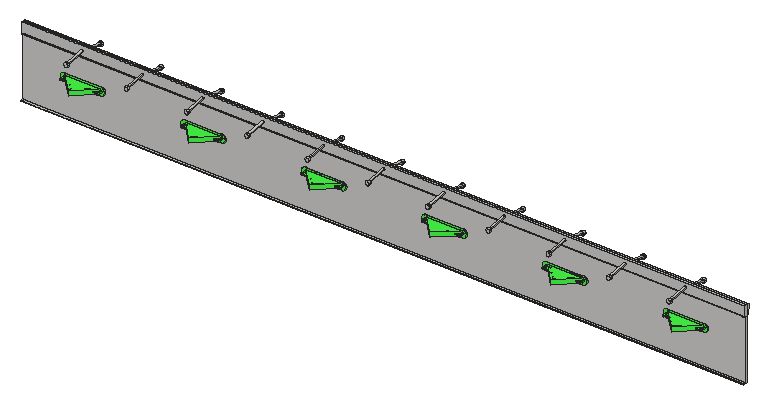
Revit family
Parameters (values of type "Armor-Edge® All-Steel Joint Assembly")
  dataPlate Depth [instance] = Slab Depth / 2  # 0' - 7"
  Width = 0' - 8 3/4"  # constant formula
  URL = "http://www.pna-inc.com"
  Type Comments = ""
  Slab Depth [instance] = 1' - 2"
  Product Page URL = "http://www.pna-inc.com/products/armor_edge_steel/"
  Product Documentation Link = "http://www.pna-inc.com/products/armor_edge_steel/PNA%20Armor-Edge%20All%20Steel%20Joint%20Assembly%20MSpec.doc"
  Number of Studs [instance] = 11
  Number of Dowels [instance] = 6
  Model = "Armor-Edge® All-Steel Joint Assembly"
  Material = Metal - PNA - Steel
  Manufacturer = "PNA Construction Technologies Inc. "
  Length [instance] = 12' - 0"
  Height [instance] = Slab Depth  # 1' - 2"
  Dowel Thickness [instance] = Diamond_Dowel : 3/4"
  Description = "Armor-Edge® All-Steel Joint Assembly"
  Dowel Spacing [instance] = 2' - 0"  # constant formula
  Assembly Code = "B1010300"
Reference planes (in)
  plane 1 "Center (Front/Back)": y = 0
  plane 2: z = 0
  plane 3 "Center (Left/Right)": x = 0
  plane 4: x = -72
  plane 5: x = 72
  plane 6: y = -4.375
  plane 7: z = -14
  plane 8: x = -60
  plane 9: x = -36
  plane 10: z = -7
  plane 11: y = 4.375
  plane 12: y = -0.75
  plane 13: y = -0.375
  plane 14: z = -2
  plane 15: z = -13.875
  plane 16: y = -0.125
  plane 17: z = -2.125
Forms (in)
  Extrusion 1, solid, detail levels coarse
    sketch origin (0, 0, 0) x (1, 0, 0) y (0, 1, 0)
      loop
        line (-72, -4.375) -> (72, -4.375) -> (72, 4.375) -> (-72, 4.375) -> (-72, -4.375)
    from -14 to 0
  Extrusion 2, solid, material "Metal - PNA - Steel" <- "Material", detail levels medium+fine
    sketch origin (0, 0, 0) x (0, 1, 0) y (0, 0, 1)
      loop
        line (0, -2) -> (-0.375, -2) -> (-0.375, -2.125) -> (-0.125, -2.125) -> (-0.125, -13.875) -> (-0.75, -13.875) -> (-0.75, -14) -> (0, -14) -> (0, -2)
    from -72 to 72
Lines and regions (in)
  Masking region 1, detail levels coarse
    outline origin (0, 0, 0) x (1, 0, 0) y (0, 1, 0)
      loop
        line (-72, -4.375) -> (72, -4.375) -> (72, 4.375) -> (-72, 4.375) -> (-72, -4.375)
  Masking region 2
    outline origin (0, 0, 0) x (1, 0, 0) y (0, 0, 1)
      loop
        line (-72, -14) -> (72, -14) -> (72, -2) -> (-72, -2) -> (-72, -14)
  Masking region 3, detail levels coarse
    outline origin (0, 0, 0) x (0, 1, 0) y (0, 0, 1)
      loop
        line (-4.375, -14) -> (4.375, -14) -> (4.375, 0) -> (-4.375, 0) -> (-4.375, -14)
  Masking region 4, detail levels coarse
    outline origin (0, 0, 0) x (1, 0, 0) y (0, 0, 1)
      loop
        line (-72, -14) -> (72, -14) -> (72, 0) -> (-72, 0) -> (-72, -14)
  Masking region 5, detail levels medium+fine
    outline origin (0, 0, 0) x (0, 1, 0) y (0, 0, 1)
      loop
        line (-0.125, -2.125) -> (-0.125, -13.875) -> (-0.75, -13.875) -> (-0.75, -14) -> (0, -14) -> (0, -2) -> (-0.375, -2) -> (-0.375, -2.125) -> (-0.125, -2.125)
Dimensions and locks (in)
  "Length": plane 4 to plane 5
  equal spacing: plane 4, plane 3 "Center (Left/Right)", plane 5
  "Height": plane 2 to plane 7
  "dataPlate Depth": plane 10 to plane 7
  locked: plane 4 to plane 8 at 12
  "Dowel Spacing": plane 8 to plane 9
  equal spacing: plane 11, plane 1 "Center (Front/Back)", plane 6
  "Width": plane 11 to plane 6
  locked: plane 7 to plane 15 at 0.125
  plane 1 "Center (Front/Back)" to plane 16 to plane 13 to plane 12 = 0' - 0 1/8" locked, 0' - 0 1/4" locked, 0' - 0 3/8" locked
  plane 2 to plane 14 to plane 17 = 0' - 2" locked, 0' - 0 1/8" locked
  equal spacing: group 1, group 2, group 3, group 4, group 5, group 6  (x3)
  aligned and locked: plane 3 "Center (Left/Right)" to nested 1
  aligned and locked: plane 2 to nested 1
  aligned and locked: Extrusion 1 sketch curve to plane 4
  aligned and locked: plane 6 to Extrusion 1 sketch curve
  aligned and locked: plane 5 to Extrusion 1 sketch curve
  aligned and locked: plane 7 to Extrusion 1
  aligned and locked: plane 2 to Extrusion 1
  aligned and locked: Masking region 1 sketch curve to plane 4
  aligned and locked: plane 6 to Masking region 1 sketch curve
  aligned and locked: plane 5 to Masking region 1 sketch curve
  aligned and locked: Masking region 2 sketch curve to plane 4
  aligned and locked: Masking region 2 sketch curve to plane 7
  aligned and locked: Masking region 2 sketch curve to plane 5
  aligned and locked: plane 7 to Masking region 3 sketch curve
  aligned and locked: Masking region 3 sketch curve to plane 6
  aligned and locked: plane 2 to Masking region 3 sketch curve
  aligned and locked: plane 11 to Masking region 1
  aligned and locked: plane 11 to Extrusion 1
  aligned and locked: Masking region 3 to plane 11
  aligned and locked: nested 2 to plane 3 "Center (Left/Right)"
  aligned and locked: plane 1 "Center (Front/Back)" to nested 2
  aligned and locked: plane 1 "Center (Front/Back)" to nested 1
  aligned and locked: plane 14 to Extrusion 2 sketch curve
  aligned and locked: plane 17 to Extrusion 2 sketch curve
  aligned and locked: plane 1 "Center (Front/Back)" to Extrusion 2 sketch curve
  aligned and locked: plane 16 to Extrusion 2 sketch curve
  aligned and locked: plane 13 to Extrusion 2 sketch curve
  aligned and locked: plane 15 to Extrusion 2 sketch curve
  aligned and locked: plane 7 to Extrusion 2 sketch curve
  aligned and locked: plane 12 to Extrusion 2 sketch curve
  aligned and locked: plane 5 to Extrusion 2
  aligned and locked: plane 4 to Extrusion 2
  aligned and locked: Masking region 2 sketch curve to plane 14
  aligned and locked: Masking region 4 sketch curve to plane 4
  aligned and locked: Masking region 4 sketch curve to plane 2
  aligned and locked: Masking region 4 sketch curve to plane 7
  aligned and locked: Masking region 4 sketch curve to plane 5
  aligned and locked: plane 16 to Masking region 5 sketch curve
  aligned and locked: plane 15 to Masking region 5 sketch curve
  aligned and locked: plane 7 to Masking region 5 sketch curve
  aligned and locked: plane 1 "Center (Front/Back)" to Masking region 5 sketch curve
  aligned and locked: plane 12 to Masking region 5 sketch curve
  aligned and locked: plane 14 to Masking region 5 sketch curve
  aligned and locked: plane 17 to Masking region 5 sketch curve
  aligned and locked: plane 13 to Masking region 5 sketch curve
  aligned and locked: nested 3 to plane 16
  aligned and locked: plane 8 to nested 3
  aligned and locked: nested 3 to plane 10
  aligned and locked: plane 9 to nested 4
  aligned and locked: nested 4 to plane 10
  aligned and locked: nested 4 to plane 16
  aligned and locked: nested 2 to plane 2
Automatic sketch dimensions
  Extrusion 1 sketch curve to plane 1 "Center (Front/Back)" = 0' - 4 3/8"
  Masking region 1 sketch curve to plane 1 "Center (Front/Back)" = 0' - 4 3/8"
  Masking region 3 sketch curve to plane 1 "Center (Front/Back)" = 0' - 4 3/8"
Nested families (in)
  nested 1: "AE Beam" at (0, 0, 0), Number of Studs <- "Number of Studs", Length <- "Length", type "Beam"
    with Stud Array Visible yes, Solo Stud Visible no, Number of Studs 11, Length 12' - 0", Actual Number of Studs 11
  nested 2: "AE Beam" at (0, 0, 0), Number of Studs <- "Number of Studs", Length <- "Length", type "Beam"
    with Stud Array Visible yes, Solo Stud Visible no, Number of Studs 11, Length 12' - 0", Actual Number of Studs 11
  nested 3: "Diamond_Dowel" at (-60, -0.125, -3) x (-1, 0, 0) z (0, 0, 1), type <- "Dowel Thickness", type "3/4""
    with Plate Depth 0' - 4"
  nested 4: "Diamond_Dowel" at (-36, -0.125, -3) x (-1, 0, 0) z (0, 0, 1), type <- "Dowel Thickness", type "3/4""
    with Plate Depth 0' - 4"
  nested 5: "Diamond_Dowel" at (-12, -0.125, -3) x (-1, 0, 0) z (0, 0, 1), type <- "Dowel Thickness", type "3/4""
    with Plate Depth 0' - 4"
  nested 6: "Diamond_Dowel" at (12, -0.125, -3) x (-1, 0, 0) z (0, 0, 1), type <- "Dowel Thickness", type "3/4""
    with Plate Depth 0' - 4"
  nested 7: "Diamond_Dowel" at (36, -0.125, -3) x (-1, 0, 0) z (0, 0, 1), type <- "Dowel Thickness", type "3/4""
    with Plate Depth 0' - 4"
  nested 8: "Diamond_Dowel" at (60, -0.125, -3) x (-1, 0, 0) z (0, 0, 1), type <- "Dowel Thickness", type "3/4""
    with Plate Depth 0' - 4"
Definition of nested family "AE Beam"
  Parameters (values of type "Beam")
    URL = ""
    Type Comments = ""
    Stud Spacing = 1' - 0"  # constant formula
    Stud Array Visible [instance] = Number of Studs > 1  # yes
    Solo Stud Visible [instance] = not(Stud Array Visible)  # no
    Material = Metal - PNA - Steel
    Number of Studs [instance] = 4
    Model = ""
    Manufacturer = ""
    Length [instance] = 12' - 0"
    Description = ""
    Assembly Code = ""
    Actual Number of Studs [instance] = if(Number of Studs > 11, 11, if(Number of Studs < 2, 2, Number of Studs))  # 4
  Reference planes (in)
    plane 1 "Center (Front/Back)": y = 0
    plane 2: z = 0
    plane 3 "Center (Left/Right)": x = 0
    plane 4: x = -60
    plane 5: x = -72
    plane 6: x = 72
    plane 7: z = -2
    plane 8: y = -0.375
    plane 9: z = -1
    plane 10: y = -4.375
  Forms (in)
    Extrusion 1, solid, material "Metal - PNA - Steel" <- "Material", detail levels medium+fine
      sketch origin (-18, 0, 0) x (1, 0, 0) y (0, 0, 1)
        loop
          line (-54, 0) -> (-54, -2) -> (90, -2) -> (90, 0) -> (-54, 0)
      from 0 to 0.375
  Lines and regions (in)
    Masking region 1
      outline origin (0, 0, 0) x (1, 0, 0) y (0, 0, 1)
        loop
          line (-72, -2) -> (72, -2) -> (72, 0) -> (-72, 0) -> (-72, -2)
    Masking region 2, detail levels medium+fine
      outline origin (0, 0, 0) x (0, 1, 0) y (0, 0, 1)
        loop
          line (0, -2) -> (0, 0) -> (-0.375, 0) -> (-0.375, -0.79979) -> (-4.375, -1.61335) -> (-4.375, -1.98835) -> (-0.375, -1.17479) -> (-0.375, -2) -> (0, -2)
    Masking region 3, detail levels medium+fine
      outline origin (0, 0, 0) x (1, 0, 0) y (0, 1, 0)
        loop
          line (-72, -0.375) -> (72, -0.375) -> (72, 0) -> (-72, 0) -> (-72, -0.375)
    symbolic lines, detail levels fine
      curve 1: line (0, -0.375, 0) -> (0, -0.375, -2)
  Dimensions and locks (in)
    "Length": plane 5 to plane 6
    locked: plane 2 to plane 7 at 2
    locked: plane 8 to plane 1 "Center (Front/Back)" at 0.375
    locked: plane 5 to plane 4 at 12
    equal spacing: plane 5, plane 3 "Center (Left/Right)", plane 6
    equal spacing: plane 2, plane 9, plane 7
    equal spacing: group 1, group 2, group 3, group 4  (x3)
    "Stud Spacing": plane 4 to nested 2
    locked: plane 10 to plane 8 at 4
    aligned and locked: plane 6 to Extrusion 1
    aligned and locked: plane 5 to Extrusion 1
    aligned and locked: level to Extrusion 1
    aligned and locked: plane 7 to Extrusion 1
    aligned and locked: plane 8 to Extrusion 1
    aligned and locked: Extrusion 1 to plane 1 "Center (Front/Back)"
    aligned and locked: nested 1 to plane 4
    aligned and locked: nested 1 to plane 9
    aligned and locked: plane 8 to nested 1
    aligned and locked: nested 2 to plane 9
    aligned and locked: nested 3 to plane 4
    aligned and locked: plane 8 to nested 3
    aligned and locked: nested 3 to plane 9
    aligned and locked: Masking region 1 sketch curve to plane 5
    aligned and locked: Masking region 1 sketch curve to plane 2
    aligned and locked: Masking region 1 sketch curve to plane 7
    aligned and locked: plane 6 to Masking region 1 sketch curve
    aligned and locked: Masking region 2 sketch curve to Extrusion 1  (x2)
    aligned and locked: level to Masking region 2 sketch curve
    aligned and locked: Masking region 2 sketch curve to nested 3  (x2)
    aligned and locked: Extrusion 1 to Masking region 2 sketch curve
    aligned and locked: nested 3 to Masking region 2 sketch curve
    aligned and locked: Masking region 3 sketch curve to Extrusion 1  (x4)
    aligned and locked: curve 1 to plane 8
    aligned and locked: plane 7 to curve 1
    aligned and locked: plane 2 to curve 1
  Automatic sketch dimensions
    Extrusion 1 sketch curve to level = 0' - 0"
    Extrusion 1 sketch curve to Extrusion 1 sketch curve = 0' - 2"
    plane 4 to Extrusion 1 sketch curve = 1' - 0"
    Extrusion 1 sketch curve to plane 6 = 0' - 0"
    Masking region 2 sketch curve to plane 8 = 0' - 0"
  Nested families (in)
    nested 1: "AE Stud" at (-60, -0.375, -1), visible <- "Stud Array Visible", type "AE Stud"
      with Stud Length 0' - 4"
    nested 2: "AE Stud" at (-48, -0.375, -1), visible <- "Stud Array Visible", type "AE Stud"
      with Stud Length 0' - 4"
    nested 3: "AE Stud-Solo" at (-60, -0.375, -1), visible <- "Solo Stud Visible", type "AE Stud-Solo"
      with Stud Length 0' - 4"
    nested 4: "AE Stud" at (-36, -0.375, -1), visible <- "Stud Array Visible", type "AE Stud"
      with Stud Length 0' - 4"
    nested 5: "AE Stud" at (-24, -0.375, -1), visible <- "Stud Array Visible", type "AE Stud"
      with Stud Length 0' - 4"
  Definition of nested family "AE Stud"
    Parameters (values of type "AE Stud")
      Stud Material = Metal - PNA - Steel
      Stud Length [instance] = 0' - 4"
      Assembly Code = ""
    Reference planes (in)
      plane 1 "Center (Front/Back)": y = 0
      plane 2: z = 0
      plane 3 "Center (Left/Right)": x = 0
      plane 4: x = 0.1875
      plane 5: x = -0.1875
      plane 6: z = -0.75
      plane 7: y = -3.75
      plane 8 "Face of Stud Head": y = -4
      plane 9: x = -0.375
      plane 10: x = 0.375
      plane 11: y = -0.0625
      plane 12: through (0, -0.0625, 0.1875) normal (0, -0.1993, 0.9799)
      plane 13: through (0, -0.0625, -0.1875) normal (0, -0.1993, 0.9799)
    Forms (in)
      Blend 1, solid, material "Metal - PNA - Steel" <- "Stud Material", detail levels medium+fine
        base sketch origin (66.13572, 0.375, 2) x (1, 0, 0) y (0, 0, 1)
          loop
            circle (-66.13572, -2) r 0.1875
        top sketch origin (66.13572, 0.375, 2) x (1, 0, 0) y (0, 0, 1)
          loop
            circle (-66.13572, -2.75) r 0.1875
        from 0.4375 to 4.125
      Extrusion 2, solid, material "Metal - PNA - Steel" <- "Stud Material", detail levels medium+fine
        sketch origin (66.13572, 0.375, 3.81237) x (1, 0, 0) y (0, 0, 1)
          loop
            circle (-66.13572, -4.56237) r 0.375
        from 4.125 to 4.375
      Extrusion 3, solid, material "Metal - PNA - Steel" <- "Stud Material", detail levels medium+fine
        sketch origin (0, 0, 0) x (1, 0, 0) y (0, 0, 1)
          loop
            circle (0, 0) r 0.1875
        from 0 to 0.0625
    Cuts and joins
      joined: Blend 1, Extrusion 2, Extrusion 3
    Lines and regions (in)
      Masking region 1, detail levels medium+fine
        outline origin (0, 0, 0) x (1, 0, 0) y (0, 1, 0)
          loop
            line (-0.375, -4) -> (0.375, -4) -> (0.375, -3.75) -> (0.1875, -3.75) -> (0.1875, 0) -> (-0.1875, 0) -> (-0.1875, -3.75) -> (-0.375, -3.75) -> (-0.375, -4)
      Masking region 2, detail levels medium+fine
        outline origin (0, 0, 0) x (0, 1, 0) y (0, 0, 1)
          loop
            line (0, 0.20021) -> (-3.75, -0.5625) -> (-3.75, -0.375) -> (-4, -0.375) -> (-4, -1.125) -> (-3.75, -1.125) -> (-3.75, -0.9375) -> (0, -0.17479) -> (0, 0.20021)
      Masking region 3, detail levels medium+fine
        outline origin (0, -4, 0) x (0, 0, -1) y (-1, 0, 0)
          loop
            line (0.42524, 0.1875) -> (0, 0.1875)
            arc (0, 0.1875) -> (-0.1875, 0) -> (0, -0.1875) r 0.1875
            line (0, -0.1875) -> (0.42524, -0.1875)
            arc (0.42524, -0.1875) -> (0.5625, -0.32476) -> (0.75, -0.375) r 0.375
            arc (0.75, -0.375) -> (1.125, 0) -> (0.75, 0.375) r 0.375
            arc (0.75, 0.375) -> (0.5625, 0.32476) -> (0.42524, 0.1875) r 0.375
      symbolic lines, detail levels fine
        curve 1: arc (0.375, -4, -0.75) -> (0, -4, -0.375) -> (-0.375, -4, -0.75) r 0.375
    Dimensions and locks (in)
      plane 9 to plane 5 to plane 3 "Center (Left/Right)" to plane 4 to plane 10 = 0' - 0 3/16" locked, 0' - 0 3/16" locked, 0' - 0 3/16" locked, 0' - 0 3/16" locked
      locked: plane 1 "Center (Front/Back)" to plane 11 at 0.0625
      locked: plane 1 "Center (Front/Back)" to plane 8 "Face of Stud Head" at 4
      locked: plane 7 to plane 8 "Face of Stud Head" at 0.25
      aligned and locked: Extrusion 2 to Blend 1
      aligned and locked: Extrusion 2 to plane 8 "Face of Stud Head"
      aligned and locked: plane 7 to Extrusion 2
      aligned: Blend 1 to plane 1 "Center (Front/Back)"
      aligned and locked: plane 6 to Extrusion 2 sketch curve
      aligned and locked: plane 10 to Extrusion 2 sketch curve
      aligned and locked: plane 2 to Extrusion 3 sketch curve
      aligned and locked: plane 4 to Extrusion 3 sketch curve
      aligned and locked: Blend 1 to Extrusion 3
      aligned and locked: Extrusion 3 to plane 1 "Center (Front/Back)"
      aligned and locked: Extrusion 3 to plane 11
      aligned and locked: plane 2 to Blend 1 sketch curve
      aligned and locked: plane 4 to Blend 1 sketch curve
      aligned and locked: Masking region 1 sketch curve to plane 9
      aligned and locked: Masking region 1 sketch curve to plane 7  (x2)
      aligned and locked: Masking region 1 sketch curve to plane 5
      aligned and locked: Masking region 1 sketch curve to plane 1 "Center (Front/Back)"
      aligned and locked: plane 4 to Masking region 1 sketch curve
      aligned and locked: Masking region 1 sketch curve to plane 8 "Face of Stud Head"
      aligned and locked: plane 10 to Masking region 1 sketch curve
      aligned and locked: plane 1 "Center (Front/Back)" to Masking region 2 sketch curve
      aligned and locked: plane 12 to Masking region 2 sketch curve
      aligned and locked: plane 13 to Masking region 2 sketch curve
      aligned and locked: plane 8 "Face of Stud Head" to Masking region 2 sketch curve
      aligned and locked: plane 7 to Masking region 2 sketch curve  (x2)
      aligned and locked: Masking region 3 sketch curve to plane 5
      aligned and locked: Masking region 3 sketch curve to cut or joined group of Blend 1, Extrusion 2, Extrusion 3  (x4)
      aligned and locked: plane 4 to Masking region 3 sketch curve
      aligned and locked: curve 1 to cut or joined group of Blend 1, Extrusion 2, Extrusion 3
  Definition of nested family "AE Stud-Solo"
    Parameters (values of type "AE Stud-Solo")
      Stud Material = Metal - PNA - Steel
      Stud Length [instance] = 0' - 4"  # constant formula
      Assembly Code = ""
    Reference planes (in)
      plane 1 "Center (Front/Back)": y = 0
      plane 2: z = 0
      plane 3 "Center (Left/Right)": x = 0
      plane 4: x = 0.1875
      plane 5: x = -0.1875
      plane 6: z = -0.75
      plane 7: y = -3.75
      plane 8: y = -4
      plane 9: x = -0.375
      plane 10: x = 0.375
      plane 11: y = -0.0625
      plane 12: through (0, -0.0625, 0.1875) normal (0, -0.1993, 0.9799)
      plane 13: through (0, -0.0625, -0.1875) normal (0, -0.1993, 0.9799)
    Forms (in)
      Blend 1, solid, material "Metal - PNA - Steel" <- "Stud Material", detail levels medium+fine
        base sketch origin (66.13572, 0.375, 2) x (1, 0, 0) y (0, 0, 1)
          loop
            circle (-66.13572, -2) r 0.1875
        top sketch origin (66.13572, 0.375, 2) x (1, 0, 0) y (0, 0, 1)
          loop
            circle (-66.13572, -2.75) r 0.1875
        from 0.4375 to 4.125
      Extrusion 2, solid, material "Metal - PNA - Steel" <- "Stud Material", detail levels medium+fine
        sketch origin (66.13572, 0.375, 3.81237) x (1, 0, 0) y (0, 0, 1)
          loop
            circle (-66.13572, -4.56237) r 0.375
        from 4.125 to 4.375
      Extrusion 3, solid, material "Metal - PNA - Steel" <- "Stud Material", detail levels medium+fine
        sketch origin (0, 0, 0) x (1, 0, 0) y (0, 0, 1)
          loop
            circle (0, 0) r 0.1875
        from 0 to 0.0625
    Cuts and joins
      joined: Blend 1, Extrusion 2, Extrusion 3
    Lines and regions (in)
      Masking region 1, detail levels medium+fine
        outline origin (0, 0, 0) x (1, 0, 0) y (0, 1, 0)
          loop
            line (-0.375, -4) -> (0.375, -4) -> (0.375, -3.75) -> (0.1875, -3.75) -> (0.1875, 0) -> (-0.1875, 0) -> (-0.1875, -3.75) -> (-0.375, -3.75) -> (-0.375, -4)
      Masking region 2, detail levels medium+fine
        outline origin (0, 0, 0) x (0, 1, 0) y (0, 0, 1)
          loop
            line (0, 0.20021) -> (-3.75, -0.5625) -> (-3.75, -0.375) -> (-4, -0.375) -> (-4, -1.125) -> (-3.75, -1.125) -> (-3.75, -0.9375) -> (0, -0.17479) -> (0, 0.20021)
      Masking region 3, detail levels medium+fine
        outline origin (0, 0, 0) x (1, 0, 0) y (0, 0, 1)
          loop
            arc (-0.1875, -0.42524) -> (-0.32476, -0.5625) -> (-0.375, -0.75) r 0.375
            arc (-0.375, -0.75) -> (0, -1.125) -> (0.375, -0.75) r 0.375
            arc (0.375, -0.75) -> (0.32476, -0.5625) -> (0.1875, -0.42524) r 0.375
            line (0.1875, -0.42524) -> (0.1875, 0)
            arc (0.1875, 0) -> (0, 0.1875) -> (-0.1875, 0) r 0.1875
            line (-0.1875, 0) -> (-0.1875, -0.42524)
      symbolic lines, detail levels fine
        curve 1: arc (0.375, 0, -0.75) -> (0, 0, -0.375) -> (-0.375, 0, -0.75) r 0.375
      symbolic lines, detail levels medium+fine
        curve 2: arc (-0.375, 0, -0.75) -> (0, 0, -1.125) -> (0.375, 0, -0.75) r 0.375
    Dimensions and locks (in)
      plane 9 to plane 5 to plane 3 "Center (Left/Right)" to plane 4 to plane 10 = 0' - 0 3/16" locked, 0' - 0 3/16" locked, 0' - 0 3/16" locked, 0' - 0 3/16" locked
      locked: plane 1 "Center (Front/Back)" to plane 11 at 0.0625
      locked: plane 1 "Center (Front/Back)" to plane 8 at 4
      locked: plane 7 to plane 8 at 0.25
      aligned and locked: Extrusion 2 to Blend 1
      aligned and locked: Extrusion 2 to plane 8
      aligned and locked: plane 7 to Extrusion 2
      aligned: Blend 1 to plane 1 "Center (Front/Back)"
      aligned and locked: plane 6 to Extrusion 2 sketch curve
      aligned and locked: plane 10 to Extrusion 2 sketch curve
      aligned and locked: plane 2 to Extrusion 3 sketch curve
      aligned and locked: plane 4 to Extrusion 3 sketch curve
      aligned and locked: Blend 1 to Extrusion 3
      aligned and locked: Extrusion 3 to plane 1 "Center (Front/Back)"
      aligned and locked: Extrusion 3 to plane 11
      aligned and locked: plane 2 to Blend 1 sketch curve
      aligned and locked: plane 4 to Blend 1 sketch curve
      aligned and locked: Masking region 1 sketch curve to plane 9
      aligned and locked: Masking region 1 sketch curve to plane 7  (x2)
      aligned and locked: Masking region 1 sketch curve to plane 5
      aligned and locked: Masking region 1 sketch curve to plane 1 "Center (Front/Back)"
      aligned and locked: plane 4 to Masking region 1 sketch curve
      aligned and locked: Masking region 1 sketch curve to plane 8
      aligned and locked: plane 10 to Masking region 1 sketch curve
      aligned and locked: plane 1 "Center (Front/Back)" to Masking region 2 sketch curve
      aligned and locked: plane 12 to Masking region 2 sketch curve
      aligned and locked: plane 13 to Masking region 2 sketch curve
      aligned and locked: plane 8 to Masking region 2 sketch curve
      aligned and locked: plane 7 to Masking region 2 sketch curve  (x2)
      aligned and locked: Masking region 3 sketch curve to plane 5
      aligned and locked: Masking region 3 sketch curve to cut or joined group of Blend 1, Extrusion 2, Extrusion 3  (x4)
      aligned and locked: plane 4 to Masking region 3 sketch curve
      aligned and locked: curve 1 to cut or joined group of Blend 1, Extrusion 2, Extrusion 3
      aligned and locked: plane 6 to curve 1  (x2)
      aligned and locked: curve 2 to cut or joined group of Blend 1, Extrusion 2, Extrusion 3
Definition of nested family "Diamond_Dowel"
  Parameters (values of type "3/4"")
    Width = 0' - 8 7/8"  # constant formula
    URL = "http://www.pna-inc.com/"
    Product Page URL = "http://www.pna-inc.com/products/diamond_dowel/"
    Product Documentation Link = "http://www.pna-inc.com/products/diamond_dowel/PNA_DiamondDowelSystem_PDS_08Oct.pdf"
    Pocket Material = Plastic - PNA - Green
    Plate Width = 0' - 4 1/2"  # constant formula
    Plate Thickness = 0' - 0 3/4"
    Plate Depth [instance] = 0' - 4"
    Model = "3/4\" Diamond Dowel System"
    Manufacturer = "PNA Construction Technologies"
    Length = 0' - 6 7/8"  # constant formula
    Description = "Diamond Dowel plate load transfer system"
    Assembly Code = "A1010100"
  Types (3): name | Pocket Material | Plate Thickness | Model
    1/4" | Plastic - PNA - Orange | 0' - 0 1/4" | "1/4\" Diamond Dowel System"
    3/4" | Plastic - PNA - Green | 0' - 0 3/4" | "3/4\" Diamond Dowel System"
    3/8" | Plastic - PNA - Yellow | 0' - 0 3/8" | "3/8\" Diamond Dowel System"
  Reference planes (in)
    plane 1 "Center (Front/Back)": y = 0
    plane 2: z = 0
    plane 3 "Center (Left/Right)": x = 0
    plane 4: through (0, 0, 48) normal (-0.7071, -0.7071, 0)
    plane 5: through (0, 0, 48) normal (-0.7071, 0.7071, 0)
    plane 6: through (-12.45956, 9.27758, 48) normal (0.7071, 0.7071, 0)
    plane 7: through (-9.27758, 12.45956, 48) normal (0.7071, 0.7071, 0)
    plane 8: through (15.39897, 18.58095, 48) normal (0.7071, -0.7071, 0)
    plane 9: through (16.66916, 13.48718, 48) normal (0.7071, -0.7071, 0)
    plane 10 "Plate Depth": z = -4
    plane 11: z = -3.625
    plane 12 "Bottom of Plate": z = -4.375
    plane 13 "Back Face": y = 0.125
    plane 14: x = -4.4375
    plane 15: x = 4.4375
    plane 16: y = 3.69302
    plane 17: y = -3.18198
  Forms (in)
    Extrusion 1, solid, material "Metal - PNA - Steel"
      sketch origin (-25.49586, -180, -4) x (-1, 0, 0) y (0, -1, 0)
        loop
          line (-22.31388, -180) -> (-25.49586, -176.81802) -> (-28.67784, -180) -> (-25.49586, -183.18198) -> (-22.31388, -180)
      from -0.375 to 0.375
  Lines and regions (in)
    Masking region 1, detail levels medium+fine
      outline origin (0, 0, -4.375) x (-1, 0, 0) y (0, -1, 0)
        loop
          line (0, -3.18198) -> (3.18198, 0) -> (0, 3.18198) -> (-3.18198, 0) -> (0, -3.18198)
    Masking region 2, detail levels coarse
      outline origin (0, 0, 0) x (1, 0, 0) y (0, 1, 0)
        loop
          line (-3.40349, 0.22151) -> (0, -3.18198) -> (3.40349, 0.22151) -> (0, 3.625) -> (-3.40349, 0.22151)
    Masking region 3, detail levels coarse
      outline origin (0, 0, 0) x (1, 0, 0) y (0, 0, 1)
        loop
          line (4.40834, -3.25) -> (-4.40834, -3.25) -> (-4.40834, -4.75) -> (4.40834, -4.75) -> (4.40834, -3.25)
    Masking region 4
      outline origin (0, 0, 0) x (0, 1, 0) y (0, 0, 1)
        loop
          line (3.625, -3.625) -> (-3.18198, -3.625) -> (-3.18198, -4.375) -> (3.625, -4.375) -> (3.625, -3.625)
    symbolic lines, detail levels fine
      curve 1: line (-4.40834, 0.125, 0) -> (4.40834, 0.125, 0)
      curve 2: line (-2.625, 1, 0) -> (-3.5, 0.125, 0)
      curve 3: line (2.625, 1, 0) -> (3.5, 0.125, 0)
      curve 4: line (0, 0, -3.625) -> (0, 0, -4.375)
  Dimensions and locks (in)
    equal spacing: plane 7, plane 4, plane 6
    equal spacing: plane 9, plane 5, plane 8
    "Plate Width": plane 9 to plane 8
    "Plate Width": plane 7 to plane 6
    "Plate Depth": level to plane 10 "Plate Depth"
    "Plate Thickness": plane 11 to plane 12 "Bottom of Plate"
    equal spacing: plane 11, plane 10 "Plate Depth", plane 12 "Bottom of Plate"
    locked: plane 1 "Center (Front/Back)" to plane 13 "Back Face" at 0.125
    equal spacing: plane 14, plane 3 "Center (Left/Right)", plane 15
    "Width": plane 14 to plane 15
    "Length": plane 16 to plane 17
    locked: plane 17 to plane 1 "Center (Front/Back)" at 3.18198
    locked: plane 4 to plane 1 "Center (Front/Back)" (angle 45.00°)
    locked: plane 1 "Center (Front/Back)" to plane 5 (angle 45.00°)
    aligned and locked: plane 6 to Extrusion 1 sketch curve  (x2)
    aligned and locked: plane 8 to Extrusion 1 sketch curve
    aligned and locked: Extrusion 1 sketch curve to plane 7
    aligned and locked: Extrusion 1 sketch curve to plane 9
    aligned and locked: Extrusion 1 to plane 12 "Bottom of Plate"
    aligned and locked: plane 11 to Extrusion 1
    aligned and locked: Masking region 1 sketch curve to Extrusion 1  (x4)
    aligned and locked: plane 1 "Center (Front/Back)" to nested 1
    aligned and locked: plane 3 "Center (Left/Right)" to nested 1
    aligned and locked: plane 10 "Plate Depth" to nested 1
    aligned and locked: nested 1 to Masking region 2 sketch curve
    aligned and locked: Masking region 2 sketch curve to Extrusion 1  (x2)
    aligned and locked: Masking region 2 sketch curve to nested 1
    aligned and locked: curve 1 to nested 1
    aligned and locked: nested 1 to curve 1  (x2)
    aligned and locked: curve 2 to nested 1
    aligned and locked: nested 1 to curve 3  (x3)
    aligned and locked: nested 1 to curve 2  (x2)
    aligned and locked: plane 3 "Center (Left/Right)" to curve 4
    aligned and locked: plane 11 to curve 4
    aligned and locked: plane 12 "Bottom of Plate" to curve 4
    aligned and locked: Masking region 3 sketch curve to nested 1  (x4)
    aligned and locked: plane 11 to Masking region 4 sketch curve
    aligned and locked: plane 12 "Bottom of Plate" to Masking region 4 sketch curve
    aligned and locked: Masking region 4 sketch curve to Extrusion 1
    aligned and locked: nested 1 to Masking region 4 sketch curve
  Automatic sketch dimensions
    curve 1 to plane 1 "Center (Front/Back)" = 0' - 0 1/8"
    curve 1 to plane 3 "Center (Left/Right)" = 0' - 4.40834"
    curve 1 to curve 2 = 0' - 0.90834"
    curve 2 to plane 1 "Center (Front/Back)" = 0' - 1"
    curve 2 to curve 2 = 0' - 0 7/8"
    curve 3 to plane 1 "Center (Front/Back)" = 0' - 1"
    plane 3 "Center (Left/Right)" to curve 3 = 0' - 2 5/8"
    curve 3 to curve 3 = 0' - 0 7/8"
    curve 3 to curve 1 = 0' - 0.90834"
  Nested families (in)
    nested 1: "Diamond Dowel Pocket" at (0, 0, -4), Plate Thickness <- "Plate Thickness", type "Standard"
      with Plate Thickness 0' - 0 3/4"
  Definition of nested family "Diamond Dowel Pocket"
    Parameters (values of type "Standard")
      Width = 0' - 8 13/16"  # constant formula
      URL = ""
      Plate Width = 0' - 4 1/2"  # constant formula
      Plate Thickness [instance] = 0' - 0 3/4"
      Pocket Material = Plastic - PNA - Yellow
      Pin Sheath Width = 0' - 0 3/8"  # constant formula
      Model = ""
      Manufacturer = ""
      Length = 0' - 0"  # constant formula
      Description = "\r\n"
      Assembly Code = ""
    Reference planes (in)
      plane 1 "Center (Front/Back)": y = 0
      plane 2: z = 0
      plane 3 "Center (Left/Right)": x = 0
      plane 4: through (0, 0, 48) normal (-0.7071, -0.7071, 0)
      plane 5: through (0, 0, 48) normal (-0.7071, 0.7071, 0)
      plane 6: through (-12.45956, 9.27758, 48) normal (0.7071, 0.7071, 0)
      plane 7: through (-9.27758, 12.45956, 48) normal (0.7071, 0.7071, 0)
      plane 8: through (15.39897, 18.58095, 48) normal (0.7071, -0.7071, 0)
      plane 9: through (16.66916, 13.48718, 48) normal (0.7071, -0.7071, 0)
      plane 10 "Back Edge": y = 1
      plane 11 "Center (F/B)": y = 0
      plane 12: through (0, 3.625, 48) normal (0.7071, -0.7071, 0)
      plane 13: through (0, 3.625, 48) normal (0.7071, 0.7071, 0)
      plane 14 "Top of Plate": z = 0.375
      plane 15 "Top of Pocket": z = 0.4375
      plane 16 "Bottom of Plate": z = -0.375
      plane 17 "Bottom of Pocket": z = -0.4375
      plane 18 "Center of Pin": x = 3.65834
      plane 19: x = 3.72151
      plane 20: x = 3.81296
      plane 21: x = 3.59517
      plane 22: x = 3.50371
      plane 23: z = 0.75
      plane 24: through (-0.04419, 3.58081, 48) normal (0.7071, 0.7071, 0)
      plane 25: through (0.04419, 3.58081, 48) normal (0.7071, -0.7071, 0)
      plane 26 "Top of Support Plate": z = 0.07812
      plane 27 "Bottom of Support Plate": z = -0.07813
      plane 28 "Back Face of Front Surface": y = 0.125
      plane 29: z = -0.75
      plane 30: x = -4.40834
      plane 31: x = 4.40834
      plane 32: x = -3.65834
      plane 33: x = -3.72151
      plane 34: x = -3.81296
      plane 35: x = -3.59517
      plane 36: x = -3.50371
      plane 37: y = 3.625
    Forms (in)
      Extrusion 1, solid, material "Plastic - PNA - Yellow" <- "Pocket Material", detail levels medium+fine
        sketch origin (0, 0, 0) x (1, 0, 0) y (0, 1, 0)
          loop
            line (0, 3.625) -> (-3.5, 0.125) -> (3.5, 0.125) -> (0, 3.625)
        from -0.4375 to 0.4375
      Extrusion 2, void, detail levels medium+fine
        sketch origin (0, 0, 0) x (1, 0, 0) y (0, 1, 0)
          loop
            line (0, 3.53661) -> (-3.53661, 0) -> (3.53661, 0) -> (0, 3.53661)
        from -0.375 to 0.375
      Extrusion 3, solid, material "Plastic - PNA - Yellow" <- "Pocket Material", detail levels medium+fine
        sketch origin (0, 0, 0) x (1, 0, 0) y (0, 1, 0)
          loop
            line (3.59517, 1) -> (2.625, 1) -> (3.5, 0.125) -> (3.59517, 0.125) -> (3.59517, 1)
          loop
            line (-2.625, 1) -> (-3.59517, 1) -> (-3.59517, 0.125) -> (-3.5, 0.125) -> (-2.625, 1)
        from -0.07813 to 0.07812
      Extrusion 4, solid, material "Plastic - PNA - Yellow" <- "Pocket Material", detail levels medium+fine
        sketch origin (0, 0, 0) x (1, 0, 0) y (0, 0, 1)
          loop
            arc (-3.65834, 0.75) -> (-4.40834, 0) -> (-3.65834, -0.75) r 0.75
            line (-3.65834, -0.75) -> (3.65834, -0.75)
            arc (3.65834, -0.75) -> (4.40834, 0) -> (3.65834, 0.75) r 0.75
            line (3.65834, 0.75) -> (-3.65834, 0.75)
          loop
            circle (3.65834, 0) r 0.06317
          loop
            circle (-3.65834, 0) r 0.06317
        from -0.125 to 0
      Extrusion 5, solid, material "Plastic - PNA - Yellow" <- "Pocket Material", detail levels medium+fine
        sketch origin (0, 0, 0) x (1, 0, 0) y (0, 0, 1)
          loop
            circle (3.65834, 0) r 0.15462
          loop
            circle (-3.65834, 0) r 0.15462
          loop
            circle (-3.65834, 0) r 0.06317
          loop
            circle (3.65834, 0) r 0.06317
        from -1 to -0.125
    Cuts and joins
      Extrusion 2 cuts Extrusion 1
      Extrusion 2 cuts Extrusion 4
      joined: Extrusion 1, Extrusion 3, Extrusion 4, Extrusion 5
    Lines and regions (in)
      Masking region 1, detail levels medium+fine
        outline origin (0, 0, 0) x (1, 0, 0) y (0, 1, 0)
          loop
            line (-3.81296, 0.125) -> (-4.40834, 0.125) -> (-4.40834, 0) -> (4.40834, 0) -> (4.40834, 0.125) -> (3.81296, 0.125) -> (3.81296, 1) -> (2.625, 1) -> (0, 3.625) -> (-2.625, 1) -> (-3.81296, 1) -> (-3.81296, 0.125)
      Masking region 2, detail levels medium+fine
        outline origin (0, 0, 0) x (1, 0, 0) y (0, 0, 1)
          loop
            arc (-3.65834, 0.75) -> (-4.40834, 0) -> (-3.65834, -0.75) r 0.75
            line (-3.65834, -0.75) -> (3.65834, -0.75)
            arc (3.65834, -0.75) -> (4.40834, 0) -> (3.65834, 0.75) r 0.75
            line (3.65834, 0.75) -> (-3.65834, 0.75)
      Masking region 3, detail levels medium+fine
        outline origin (0, 0, 0) x (0, 1, 0) y (0, 0, 1)
          loop
            line (3.625, 0.4375) -> (0.125, 0.4375) -> (0.125, 0.75) -> (0, 0.75) -> (0, -0.75) -> (0.125, -0.75) -> (0.125, -0.4375) -> (3.625, -0.4375) -> (3.625, 0.4375)
      Masking region 4, detail levels fine
        outline origin (0, 1, 0) x (1, 0, 0) y (0, 0, 1)
          loop
            line (3.5249, 0.07812) -> (2.625, 0.07812) -> (2.625, -0.07813) -> (3.5249, -0.07813)
            arc (3.5249, -0.07813) -> (3.69881, -0.14923) -> (3.81296, 0) r 0.15462
            arc (3.81296, 0) -> (3.69881, 0.14923) -> (3.5249, 0.07812) r 0.15462
          loop
            line (-2.625, 0.07812) -> (-3.5249, 0.07812)
            arc (-3.5249, 0.07812) -> (-3.69881, 0.14923) -> (-3.81296, 0) r 0.15462
            arc (-3.81296, 0) -> (-3.69881, -0.14923) -> (-3.5249, -0.07813) r 0.15462
            line (-3.5249, -0.07813) -> (-2.625, -0.07813) -> (-2.625, 0.07812)
      Masking region 5, detail levels medium+fine
        outline origin (0, 0.125, 0) x (1, 0, 0) y (0, 0, 1)
          loop
            line (3.5, 0.4375) -> (-3.5, 0.4375) -> (-3.5, -0.4375) -> (3.5, -0.4375) -> (3.5, 0.4375)
      Masking region 6, detail levels medium+fine
        outline origin (0, 0, 0) x (1, 0, 0) y (0, 0, 1)
          loop
            line (-3.53661, 0.375) -> (-3.53661, -0.375) -> (3.53661, -0.375) -> (3.53661, 0.375) -> (-3.53661, 0.375)
      symbolic lines, detail levels fine
        curve 1: line (0, 1, 0.4375) -> (0, 1, -0.4375)
        curve 2: line (0, 0.125, 0.4375) -> (0, 0.125, -0.4375)
    Dimensions and locks (in)
      equal spacing: plane 7, plane 4, plane 6
      equal spacing: plane 9, plane 5, plane 8
      "Plate Width": plane 9 to plane 8
      "Plate Width": plane 7 to plane 6
      plane 11 "Center (F/B)" to plane 28 "Back Face of Front Surface" to plane 10 "Back Edge" = 0' - 0 1/8" locked, 0' - 0 7/8" locked
      plane 11 "Center (F/B)" to plane 24 to plane 13 = 0' - 2.50076" locked, 0' - 0 1/16" locked
      plane 11 "Center (F/B)" to plane 25 to plane 12 = 0' - 2.50076" locked, 0' - 0 1/16" locked
      plane 22 to plane 21 to plane 18 "Center of Pin" to plane 19 to plane 20 = 0' - 0.09145" locked, 0' - 0.06317" locked, 0' - 0.06317" locked, 0' - 0.09145" locked
      plane 18 "Center of Pin" to plane 3 "Center (Left/Right)" to plane 32 = 0' - 3.65834" locked, 0' - 3.65834" locked
      plane 26 "Top of Support Plate" to level to plane 27 "Bottom of Support Plate" = 0' - 0 5/64" locked, 0' - 0 5/64" locked
      "Plate Thickness": plane 14 "Top of Plate" to plane 16 "Bottom of Plate"
      equal spacing: plane 14 "Top of Plate", level, plane 16 "Bottom of Plate"
      locked: plane 15 "Top of Pocket" to plane 14 "Top of Plate" at 0.0625
      locked: plane 16 "Bottom of Plate" to plane 17 "Bottom of Pocket" at 0.0625
      equal spacing: plane 23, level, plane 29, locked at 0.75 each
      equal spacing: plane 31, plane 3 "Center (Left/Right)", plane 30, locked at 4.40834 each
      plane 34 to plane 33 to plane 32 to plane 35 to plane 36 = 0' - 0.09145" locked, 0' - 0.06317" locked, 0' - 0.06317" locked, 0' - 0.09145" locked
      locked: plane 37 to plane 11 "Center (F/B)" at 3.625
      locked: plane 4 to plane 1 "Center (Front/Back)" (angle 45.00°)
      locked: plane 1 "Center (Front/Back)" to plane 5 (angle 45.00°)
      aligned and locked: Extrusion 1 sketch curve to plane 12
      aligned and locked: plane 13 to Extrusion 1 sketch curve
      aligned and locked: plane 17 "Bottom of Pocket" to Extrusion 1
      aligned and locked: plane 15 "Top of Pocket" to Extrusion 1
      aligned and locked: Extrusion 2 sketch curve to plane 25
      aligned and locked: plane 24 to Extrusion 2 sketch curve
      aligned and locked: Extrusion 2 sketch curve to plane 11 "Center (F/B)"
      aligned and locked: plane 16 "Bottom of Plate" to Extrusion 2
      aligned and locked: plane 14 "Top of Plate" to Extrusion 2
      aligned and locked: Extrusion 3 sketch curve to plane 10 "Back Edge"  (x2)
      aligned and locked: Extrusion 3 sketch curve to plane 12
      aligned and locked: plane 13 to Extrusion 3 sketch curve
      aligned and locked: Extrusion 3 to plane 27 "Bottom of Support Plate"
      aligned and locked: Extrusion 3 to plane 26 "Top of Support Plate"
      aligned and locked: Extrusion 4 sketch curve to plane 23
      aligned and locked: plane 29 to Extrusion 4 sketch curve  (x2)
      aligned and locked: plane 18 "Center of Pin" to Extrusion 4 sketch curve
      aligned and locked: plane 23 to Extrusion 4 sketch curve
      aligned and locked: Extrusion 4 sketch curve to plane 32
      aligned and locked: Extrusion 4 to plane 28 "Back Face of Front Surface"
      aligned and locked: plane 11 "Center (F/B)" to Extrusion 4
      aligned and locked: plane 19 to Extrusion 4 sketch curve
      aligned and locked: level to Extrusion 4 sketch curve
      aligned and locked: Extrusion 1 sketch curve to plane 28 "Back Face of Front Surface"
      aligned and locked: plane 20 to Extrusion 5 sketch curve
      aligned and locked: plane 22 to Extrusion 5 sketch curve
      aligned and locked: level to Extrusion 5 sketch curve  (x2)
      aligned and locked: plane 34 to Extrusion 5 sketch curve
      aligned and locked: plane 36 to Extrusion 5 sketch curve
      aligned and locked: Extrusion 5 sketch curve to cut or joined group of Extrusion 1, Extrusion 2, Extrusion 3, Extrusion 4, Extrusion 5  (x4)
      aligned and locked: Extrusion 5 to plane 10 "Back Edge"
      aligned and locked: plane 28 "Back Face of Front Surface" to Extrusion 5
      aligned and locked: Extrusion 3 sketch curve to plane 28 "Back Face of Front Surface"  (x2)
      aligned and locked: Extrusion 3 sketch curve to plane 35
      aligned and locked: plane 21 to Extrusion 3 sketch curve
      aligned and locked: Masking region 1 sketch curve to plane 28 "Back Face of Front Surface"  (x2)
      aligned and locked: plane 34 to Masking region 1 sketch curve
      aligned and locked: Masking region 1 sketch curve to plane 10 "Back Edge"  (x2)
      aligned and locked: Masking region 1 sketch curve to plane 12
      aligned and locked: plane 13 to Masking region 1 sketch curve
      aligned and locked: Masking region 1 sketch curve to plane 20
      aligned and locked: plane 31 to Masking region 1 sketch curve
      aligned and locked: Masking region 1 sketch curve to plane 11 "Center (F/B)"
      aligned and locked: Masking region 1 sketch curve to plane 30
      aligned and locked: Masking region 2 sketch curve to cut or joined group of Extrusion 1, Extrusion 2, Extrusion 3, Extrusion 4, Extrusion 5  (x2)
      aligned and locked: Masking region 3 sketch curve to cut or joined group of Extrusion 1, Extrusion 2, Extrusion 3, Extrusion 4, Extrusion 5  (x4)
      aligned and locked: cut or joined group of Extrusion 1, Extrusion 2, Extrusion 3, Extrusion 4, Extrusion 5 to Masking region 3 sketch curve
      aligned and locked: plane 23 to Masking region 3 sketch curve
      aligned and locked: plane 28 "Back Face of Front Surface" to Masking region 3 sketch curve
      aligned and locked: Masking region 3 sketch curve to plane 29
      aligned and locked: Masking region 4 sketch curve to cut or joined group of Extrusion 1, Extrusion 2, Extrusion 3, Extrusion 4, Extrusion 5  (x8)
      aligned and locked: cut or joined group of Extrusion 1, Extrusion 2, Extrusion 3, Extrusion 4, Extrusion 5 to Masking region 4 sketch curve  (x2)
      aligned and locked: Masking region 5 sketch curve to cut or joined group of Extrusion 1, Extrusion 2, Extrusion 3, Extrusion 4, Extrusion 5  (x4)
      aligned and locked: Masking region 6 sketch curve to cut or joined group of Extrusion 1, Extrusion 2, Extrusion 3, Extrusion 4, Extrusion 5  (x4)
      aligned and locked: curve 2 to plane 28 "Back Face of Front Surface"
      aligned and locked: plane 15 "Top of Pocket" to curve 2
      aligned and locked: plane 17 "Bottom of Pocket" to curve 2
    Automatic sketch dimensions
      Extrusion 4 sketch curve to Extrusion 4 sketch curve = 0' - 0"  (x3)
      Extrusion 4 sketch curve to Extrusion 4 sketch curve = 0' - 0.06317"
      curve 1 to plane 3 "Center (Left/Right)" = 0' - 0"
      curve 1 to plane 17 "Bottom of Pocket" = 0' - 0"
      curve 1 to plane 15 "Top of Pocket" = 0' - 0"
